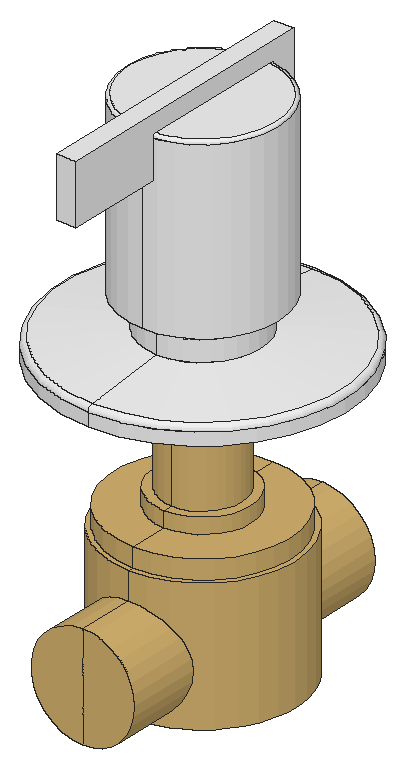
Revit family "Diverter-American_Standard-Boulevard-T431.700_Series", category Plumbing Fixtures, host Face, Revit 2015
Parameters (values of type "T431.700.002")
  Width = 2 3/4"  # constant formula
  URL = "https://americanstandard.ca/"
  Type Comments = ""
  Tempered Water Connection Radius = 1/4"
  Tempered Water Connection Diameter = Tempered Water Connection Radius * 2  # 1/2"
  Product Page URL = "https://www.americanstandard.ca/bathroom/shower-faucets/boulevard-onoff-vol-control-valves-with-lever-handle-53047"
  Product Documentation Link = "https://www.americanstandard.ca/-/media/sites/asus/files/product-specs/bulk/specsheett430700.pdf?la=en"
  Price = "Prices may vary. Please consult Manufacturer Representative for most up-to-date price list."  # constant formula
  Model = "T431.700.002"
  Material = "Brass-American Standard-002-Chrome"
  Manufacturer = "American Standard"
  Length = 3 7/8"  # constant formula
  Installation Type = "Wall Mounted"  # constant formula
  Hot Water Connection Radius = Hot Water Connection Diameter / 2  # 1/4"
  Hot Water Connection Diameter = 1/2"
  Height = 3"  # constant formula
  HW Connection = yes
  Finish = Brass-American Standard-002-Chrome
  Description = "Boulevard Diverter Valve Trim Kit"  # constant formula
  Default Elevation = 48"  # constant formula
  Creation Date = "01/28/2020"  # constant formula
  Cold Water Connection Radius = Cold Water Connection Diameter / 2  # 1/4"
  Cold Water Connection Diameter = 1/2"
  CW Connection = yes
  Assembly Code = "D2020300"
Types (3): name | Model | Material | Finish
  (no name) | "T431.700.002" | "Brass-American Standard-002-Chrome" | Brass-American Standard-002-Chrome
  T431.700.002 | "T431.700.002" | "Brass-American Standard-002-Chrome" | Brass-American Standard-002-Chrome
  T431.700.295 | "T431.700.295" | "Brass-American Standard-295-Brushed Nickel" | Brass-American Standard-295-Brushed Nickel
Reference planes (in)
  plane 1 "Center (Front/Back)": y = 0
  plane 2: z = -1.95369
  plane 3 "Center (Left/Right)": x = 0
  plane 4 "Inside Wall Reference": z = -2.21297
  plane 5: x = -0.22718
  plane 6: x = 0.22718
  plane 7: y = -0.22718
  plane 8: y = 0.22718
  plane 9: x = -1.15625
  plane 10: x = 1.15625
  plane 11: z = 0.17334
  plane 12: x = 0.32813
  plane 13: x = -0.32812
Forms (in)
  Extrusion 1, solid, detail levels coarse
    sketch origin (0, 0, 0) x (1, 0, 0) y (0, 1, 0)
      loop
        line (-0.22718, 0.22718) -> (-0.22718, -0.22718) -> (0.22718, -0.22718) -> (0.22718, 0.22718) -> (-0.22718, 0.22718)
    from -1.95369 to -2.21297
  Revolve 2, solid, material "Brass-American Standard-Cast"
    sketch origin (0, 0.33413, 0) x (0, 1, 0) y (0, 0, 1)
      loop
        line (1.10337, -2.21297) -> (-1.77163, -2.21297) -> (-1.77163, -2.71297) -> (1.10337, -2.71297) -> (1.10337, -2.21297)
      axis (-1.77163, -2.21297) -> (1.10337, -2.21297)
    angle from 0 to 360
  Revolve 3, solid, material "Brass-American Standard-Cast"
    sketch origin (0, 0.33413, 0) x (0, 1, 0) y (0, 0, 1)
      loop
        line (-0.33413, -1.71297) -> (-0.33413, -2.71297) -> (0.55649, -2.71297) -> (0.55649, -1.45186) -> (0.50543, -1.45186) -> (0.50543, -1.27126) -> (0.12892, -1.27126) -> (0.12892, -1.12227) -> (0.03894, -1.12227) -> (0.03894, -0.41228) -> (0.10412, -0.41228) -> (0.10412, 0) -> (-0.33413, 0) -> (-0.33413, -1.71297)
      axis (-0.33413, -2.71297) -> (-0.33413, 0)
    angle from 0 to 360
  Revolve 4, solid, material "Brass-American Standard-002-Chrome" <- "Finish"
    sketch origin (0, 0, 0) x (0, 1, 0) y (0, 0, 1)
      loop
        line (0, 0) -> (1.375, 0) -> (1.375, 0.12356)
        arc (1.375, 0.12356) -> (1.3608, 0.16056) -> (1.32549, 0.17855) r 0.05529
        line (1.32549, 0.17855) -> (0.55213, 0.25983) -> (0.55213, 0.45726)
        arc (0.55213, 0.45726) -> (0.54049, 0.48534) -> (0.51241, 0.49697) r 0.03971
        line (0.51241, 0.49697) -> (0.47811, 0.49697) -> (0.47811, 0.56369) -> (0.72811, 0.56369) -> (0.72811, 2.2342)
        arc (0.72811, 2.2342) -> (0.71949, 2.25501) -> (0.69868, 2.26363) r 0.02943
        line (0.69868, 2.26363) -> (0, 2.26363) -> (0, 0)
      axis (0, 2.26363) -> (0, 0)
    angle from 0 to 360
  Extrusion 5, solid, material "Brass-American Standard-002-Chrome" <- "Finish"
    sketch origin (0, 0, 0) x (0, 1, 0) y (0, 0, 1)
      loop
        line (0.97439, 2.43569) -> (-1.6422, 2.43569) -> (-1.6422, 1.86527) -> (0.97439, 1.86527) -> (0.97439, 2.43569)
    from -0.0938 to 0.0938
Cuts and joins
  joined: Revolve 2, Revolve 3
  joined: Revolve 4, Extrusion 5
Dimensions and locks (in)
  equal spacing: plane 9, plane 3 "Center (Left/Right)", plane 10
  locked: plane 9 to plane 10 at 2.3125
  equal spacing: plane 13, plane 3 "Center (Left/Right)", plane 12
  locked: plane 12 to plane 13 at 0.65625
  equal spacing: Extrusion 5, plane 3 "Center (Left/Right)", Extrusion 5
  aligned and locked: plane 2 to Extrusion 1
  aligned and locked: Extrusion 1 to plane 4 "Inside Wall Reference"
Automatic sketch dimensions
  Extrusion 1 sketch curve to Extrusion 1 sketch curve = 0.45436"  (x2)
  Revolve 2 sketch curve to plane 4 "Inside Wall Reference" = 0"  (x2)
  Revolve 2 sketch curve to Revolve 2 sketch curve = 1/2"
  Revolve 2 sketch curve to Revolve 2 sketch curve = 0"
  Revolve 2 sketch curve to Revolve 2 sketch curve = 0.42071"
  Revolve 3 sketch curve to plane 1 "Center (Front/Back)" = 0"  (x2)
  Revolve 3 sketch curve to level = 0"
  Revolve 3 sketch curve to plane 8 = 0.14589"
  Revolve 3 sketch curve to plane 8 = 0.21107"
  Revolve 3 sketch curve to Revolve 3 sketch curve = 0.08997"
  Revolve 3 sketch curve to Revolve 3 sketch curve = 0.05107"
  Revolve 3 sketch curve to level = 0.41228"
  Revolve 3 sketch curve to Revolve 3 sketch curve = 0.70999"
  Revolve 3 sketch curve to Revolve 3 sketch curve = 0.14899"
  Revolve 3 sketch curve to Revolve 3 sketch curve = 0.1806"
  plane 2 to Revolve 3 sketch curve = 0.24072"
  Revolve 3 sketch curve to plane 4 "Inside Wall Reference" = 1/2"
  Revolve 3 sketch curve to Revolve 3 sketch curve = 0.04272"
  Revolve 3 sketch curve to Revolve 3 sketch curve = 0.15793"
  Revolve 2 sketch curve to plane 7 = 1.21032"
  Revolve 2 sketch curve to plane 8 = 1.21032"
  Revolve 3 sketch curve to Revolve 3 sketch curve = 0.37651"
  Revolve 4 sketch curve to level = 0"
  Revolve 4 sketch curve to plane 1 "Center (Front/Back)" = 0"  (x2)
  Revolve 4 sketch curve to plane 8 = 0.25093"
  Revolve 4 sketch curve to Revolve 4 sketch curve = 0.0343"
  plane 11 to Revolve 4 sketch curve = 0.08649"
  Revolve 4 sketch curve to Revolve 4 sketch curve = 0.03971"
  Revolve 4 sketch curve to plane 8 = 0.4715"
  Revolve 4 sketch curve to Revolve 4 sketch curve = 0.17598"
  Revolve 4 sketch curve to plane 11 = 0.04978"
  Revolve 4 sketch curve to Revolve 4 sketch curve = 0.59161"
  plane 11 to Revolve 4 sketch curve = 0.0052"
  Revolve 4 sketch curve to Revolve 4 sketch curve = 0.00578"
  Revolve 4 sketch curve to Revolve 4 sketch curve = 0.19743"
  Revolve 4 sketch curve to Revolve 4 sketch curve = 0.06672"
  Revolve 4 sketch curve to Revolve 4 sketch curve = 1.67051"
  Revolve 4 sketch curve to Revolve 4 sketch curve = 2.44831"
  Revolve 4 sketch curve to Revolve 4 sketch curve = 1/2"
  Extrusion 5 sketch curve to plane 7 = 1.41502"
  Extrusion 5 sketch curve to plane 8 = 0.74721"
  plane 11 to Extrusion 5 sketch curve = 1.69193"
  Extrusion 5 sketch curve to Extrusion 5 sketch curve = 0.57042"
Connectors (in)
  piping at (0, -1.4375, -2.21297), diameter 0.5, driven by "Tempered Water Connection Radius"
    settings: on Revolve 2, index 5, connector inside diameter 1/2", connector length 0", flow factor 0, pipe flow 0 GPM, pressure drop 0.00 psi, fitting loss kfactor 0, connector angle 0.00°, fixture units 0, engagement length 0", angle of deflection 0.00°, flow configuration 0, flow direction 2, fitting loss method 0, system type 29, joint type 0, gender type 0, connector reference index -1, connector utility 0, adjustable connector no, is connector primary yes, connector description "1/2\" NPT Tub Port Outlet"
  piping at (0, 1.4375, -2.21297), diameter 0.5, driven by "Tempered Water Connection Radius"
    settings: on cut or joined group of Revolve 2, Revolve 3, index 6, connector inside diameter 24", connector length 0", flow factor 0, pipe flow 0 GPM, pressure drop 0.00 psi, fitting loss kfactor 0, connector angle 0.00°, fixture units 0, engagement length 0", angle of deflection 0.00°, flow configuration 0, flow direction 2, fitting loss method 0, system type 29, joint type 0, gender type 0, connector reference index -1, connector utility 0, adjustable connector no, is connector primary no, connector description "1/2\" NPT Port Outlet"
